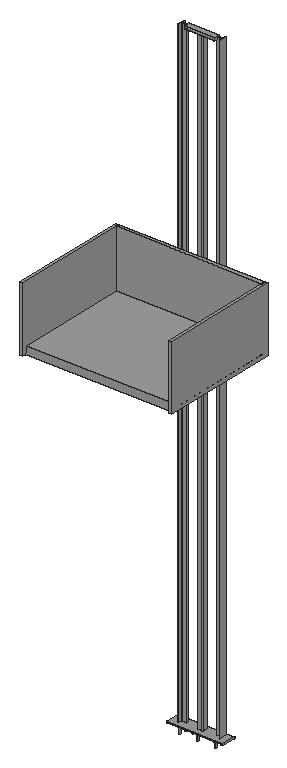
Revit family "1SE_Trez_TC_1000_With_Pit", category Specialty Equipment, Revit 2019
Family settings
  Round Connector Dimension = Use Diameter
  Part Type = Normal
  Work Plane-Based = No
  Always vertical = Yes
  Cut with Voids When Loaded = Yes
  Shared = No
  Room Calculation Point = No
Parameters (values of type "Platform-1800x1400mm with Door Height 2500mm")
  Safe Working Load = 1000.00 kg  # constant formula
  Safe Space = if(Cabin or Platform = Cabin, 900.0 mm, if(and(Cabin or Platform = Platform, Door Clear Height > 1900.0 mm), 600.0 mm, 0.0 mm))  # 600.0 mm
  Platform = Speciality_Equipment_Trez_Platform_Sgl_C : Platform
  Door Clear Width = Real Width  # 1800.0 mm
  Door Clear Height = 2500.0 mm
  D-Side = yes
  Clear Width = 1800.0 mm
  URL = "https://trez.bg/en/products/goods-only-lift-tc/tc-one-cylinder/"
  Shaft Width = Real Width + 100.0 mm  # 1900.0 mm
  Shaft Depth = Real Depth + Clearance  # 1710.0 mm
  Tower Cladding Material = TREZ_Steel_Cladding
  Real Width = if(Clear Width < 850.0 mm, 850.0 mm, if(Clear Width > 1800.0 mm, 1800.0 mm, Clear Width))  # 1800.0 mm
  Real Depth = if(Clear Depth < 850.0 mm, 850.0 mm, if(Clear Depth > 1400.0 mm, 1400.0 mm, Clear Depth))  # 1400.0 mm
  Profiles Material = TREZ_Steel
  Platform Material = TREZ_Steel
  Pit Height = 120.0 mm  # constant formula
  Travel = 4500.0 mm
  Rail Height = Travel + Pit Height + Headroom  # 7720.0 mm
  Model = "TC 1000"
  Manufacturer = "TREZ Ltd."
  Headroom = Door Clear Height + Safe Space  # 3100.0 mm
  Description = "As a hydraulic, goods-only lift with one cylinder, the TC is the low-price solution for lifting goods between the floors. "  # constant formula
  Clear Depth = 1400.0 mm
  Created By URL = "https://all1studio.com/"
  Created By = "All 1 Studio Ltd."
  Clearance = 310.0 mm  # constant formula
  Cabin or Platform = Speciality_Equipment_Trez_Platform_Sgl_C : Platform
  Cabin = Speciality_Equipment_Trez_Cabin_Sgl_C : Cabin
  C-Side = 1 = 1  # yes
  B-Side = yes
  A-Side = no
Reference planes
  plane 1 "Center (Front/Back)": y = 0
  plane 2: z = 0
  plane 3 "Center (Left/Right)": x = 0
  plane 4: x = -900
  plane 5: x = 900
  plane 6: y = 700
  plane 7: y = -700
  plane 8: x = 950
  plane 9: x = -950
  plane 10: y = 1010
  plane 11: y = -750
  plane 12: z = 4500
  plane 13 "Top of Lift": z = 7600
  plane 14 "Pit": z = -120
  plane 15: z = 7540
  plane 16: z = 40
  plane 17: z = -145
  plane 18: y = 878.5
Forms (mm)
  Extrusion 1, void
    sketch origin (0, 0, 0) x (1, 0, 0) y (0, 1, 0)
      loop
        line (-950, 1010) -> (-950, -750) -> (950, -750) -> (950, 1010) -> (-950, 1010)
    from 0 to -120
Lines and regions (mm)
  symbolic lines, style "Platform"
    curve 1: line (-900, 700, 0) -> (900, 700, 0)
    curve 2: line (-900, -700, 0) -> (-900, 700, 0)
    curve 3: line (900, -700, 0) -> (-900, -700, 0)
    curve 4: line (900, 700, 0) -> (900, -700, 0)
    curve 5: line (-900, 700, 0) -> (900, -700, 0)
    curve 6: line (900, 700, 0) -> (-900, -700, 0)
  symbolic lines, style "Shaft Volume"
    curve 7: line (-950, 1010, 0) -> (950, 1010, 0)
    curve 8: line (-950, -750, 0) -> (-950, 1010, 0)
    curve 9: line (950, -750, 0) -> (-950, -750, 0)
    curve 10: line (950, 1010, 0) -> (950, -750, 0)
    curve 11: line (950, 0, 7600) -> (-950, 0, 7600)
    curve 12: line (950, 0, 0) -> (950, 0, 7600)
    curve 13: line (-950, 0, 0) -> (950, 0, 0)
    curve 14: line (-950, 0, 7600) -> (-950, 0, 0)
    curve 15: line (0, -750, 7600) -> (0, 1010, 7600)
    curve 16: line (0, -750, 0) -> (0, -750, 7600)
    curve 17: line (0, 1010, 0) -> (0, -750, 0)
    curve 18: line (0, 1010, 7600) -> (0, 1010, 0)
Dimensions and locks
  equal spacing: plane 4, plane 3 "Center (Left/Right)", plane 5
  "Real Width": plane 4 to plane 5
  equal spacing: plane 7, plane 1 "Center (Front/Back)", plane 6
  "Real Depth": plane 7 to plane 6
  "Travel": plane 12 to level
  "Pit Height": level to plane 14 "Pit"
  "Headroom": plane 13 "Top of Lift" to plane 12
  locked: plane 13 "Top of Lift" to plane 15 at 60
  locked: plane 16 to level at 40
  locked: level to plane 17 at 145
  locked: plane 9 to plane 4 at 50
  locked: plane 5 to plane 8 at 50
  locked: plane 18 to plane 10 at 131.5
  "Clearance": plane 6 to plane 10
  locked: plane 7 to plane 11 at 50
  aligned and locked: level to plane 2
  aligned and locked: Extrusion 1 to plane 14 "Pit"
  aligned and locked: plane 1 "Center (Front/Back)" to nested 1
  aligned and locked: plane 3 "Center (Left/Right)" to nested 1
  aligned and locked: plane 12 to nested 1
  aligned and locked: nested 2 to plane 3 "Center (Left/Right)"
  aligned and locked: plane 18 to nested 2
  aligned and locked: plane 4 to curve 2
  aligned and locked: Extrusion 1 to plane 8
  aligned and locked: Extrusion 1 to plane 9
  aligned and locked: Extrusion 1 to plane 10
  aligned and locked: Extrusion 1 to plane 11
  aligned and locked: plane 10 to curve 7
  aligned and locked: plane 9 to curve 8
  aligned and locked: plane 11 to curve 9
  aligned and locked: plane 8 to curve 10
  aligned and locked: plane 13 "Top of Lift" to curve 11
  aligned and locked: curve 12 to plane 8
  aligned and locked: curve 13 to level
  aligned and locked: curve 14 to plane 9
  aligned and locked: curve 15 to plane 13 "Top of Lift"
  aligned and locked: plane 11 to curve 16
  aligned and locked: level to curve 17
  aligned and locked: plane 10 to curve 18
Automatic sketch dimensions
  Extrusion 1 sketch curve to plane 8 = 0.0 mm
  Extrusion 1 sketch curve to plane 11 = 0.0 mm
  Extrusion 1 sketch curve to plane 10 = 0.0 mm
  Extrusion 1 sketch curve to plane 9 = 0.0 mm
  curve 4 to plane 5 = 0.0 mm
  curve 3 to plane 7 = 0.0 mm
  plane 6 to curve 2 = 0.0 mm
Nested families
  nested 1: "Speciality_Equipment_Trez_Platform_Sgl_C" at (0, 0, 4500), type <- "Cabin or Platform", type "Platform"
    with Width 1800.0 mm, Depth 1400.0 mm, D-Side yes, B-Side yes
  nested 2: "Generic_Model_Trez_Rails_Sgl_C" at (0, 878.5, -120) x (0, -1, 0) z (0, 0, 1), type "Rails"
Definition of nested family "Speciality_Equipment_Trez_Platform_Sgl_C"
  Parameters (values of type "Platform")
    Width = 1300.0 mm
    Platform Material = none
    Depth = 1000.0 mm
    D-Side = no
    C-Side = yes
    B-Side = no
    A-Side = no
  Reference planes
    plane 1 "Center (Front/Back)": y = 0
    plane 2 "Bottom": z = 0
    plane 3 "Center (Left/Right)": x = 0
    plane 4: x = 650
    plane 5: x = -650
    plane 6: y = 500
    plane 7: y = -500
    plane 8: y = 535
    plane 9: z = -89
    plane 10: z = 709
    plane 11: x = -685
    plane 12: x = 685
    plane 13: y = -535
  Forms (mm)
    Extrusion 1, solid, material <- "Platform Material", visible <- "C-Side"
      sketch origin (0, 0, 0) x (1, 0, 0) y (0, 1, 0)
        loop
          line (-650, 535) -> (-650, 500) -> (650, 500) -> (650, 535) -> (-650, 535)
      from -89 to 709
    Extrusion 2, solid, material <- "Platform Material", detail levels coarse+medium
      sketch origin (0, 0, 0) x (1, 0, 0) y (0, 0, 1)
        loop
          line (-650, 0) -> (-650, -89) -> (650, -89) -> (650, 0) -> (-650, 0)
      from -500 to 500
    Extrusion 3, solid, material <- "Platform Material", detail levels fine
      sketch origin (0, 0, 0) x (1, 0, 0) y (0, 0, 1)
        loop
          line (-650, 0) -> (-650, -74)
          arc (-650, -74) -> (-645.607, -84.607) -> (-635, -89) r 15
          line (-635, -89) -> (635, -89)
          arc (635, -89) -> (645.607, -84.607) -> (650, -74) r 15
          line (650, -74) -> (650, 0) -> (-650, 0)
      from -500 to 500
    Extrusion 4, solid, material <- "Platform Material", visible <- "A-Side"
      sketch origin (0, -1035, 0) x (1, 0, 0) y (0, 1, 0)
        loop
          line (-650, 535) -> (-650, 500) -> (650, 500) -> (650, 535) -> (-650, 535)
      from -89 to 709
    Extrusion 5, solid, material <- "Platform Material", visible <- "D-Side"
      sketch origin (31.413, 20.624, 0) x (0, -1, 0) y (1, 0, 0)
        loop
          line (-514.376, 653.587) -> (-514.376, 618.587) -> (555.624, 618.587) -> (555.624, 653.587) -> (-514.376, 653.587)
      from -89 to 709
    Extrusion 6, solid, material <- "Platform Material", visible <- "B-Side"
      sketch origin (-1003.587, 20.624, 0) x (0, -1, 0) y (1, 0, 0)
        loop
          line (-514.376, 353.587) -> (-514.376, 318.587) -> (555.624, 318.587) -> (555.624, 353.587) -> (-514.376, 353.587)
      from -89 to 709
  Dimensions and locks
    equal spacing: plane 5, plane 3 "Center (Left/Right)", plane 4
    "Width": plane 5 to plane 4
    equal spacing: plane 7, plane 1 "Center (Front/Back)", plane 6
    "Depth": plane 6 to plane 7
    locked: plane 8 to plane 6 at 35
    locked: plane 2 "Bottom" to plane 9 at 89
    locked: plane 10 to plane 2 "Bottom" at 709
    locked: plane 11 to plane 5 at 35
    locked: plane 4 to plane 12 at 35
    locked: plane 13 to plane 7 at 35
    aligned and locked: level to plane 2 "Bottom"
    aligned and locked: Extrusion 1 sketch curve to plane 8
    aligned and locked: Extrusion 2 sketch curve to plane 2 "Bottom"
    aligned and locked: Extrusion 2 sketch curve to plane 9
    aligned and locked: plane 6 to Extrusion 2
    aligned and locked: plane 7 to Extrusion 2
    aligned and locked: Extrusion 3 sketch curve to plane 2 "Bottom"
    aligned and locked: Extrusion 3 sketch curve to plane 9
    aligned and locked: plane 7 to Extrusion 3
    aligned and locked: plane 6 to Extrusion 3
    aligned and locked: Extrusion 1 to plane 9
    aligned and locked: plane 5 to Extrusion 3
    aligned and locked: plane 5 to Extrusion 2
    aligned and locked: plane 5 to Extrusion 1
    aligned and locked: plane 4 to Extrusion 3
    aligned and locked: plane 4 to Extrusion 2
    aligned and locked: plane 4 to Extrusion 1
    aligned and locked: Extrusion 4 to plane 7
    aligned and locked: plane 13 to Extrusion 4
    aligned and locked: plane 4 to Extrusion 4
    aligned and locked: plane 5 to Extrusion 4
    aligned and locked: plane 12 to Extrusion 5
    aligned and locked: Extrusion 5 to plane 4
    aligned and locked: plane 8 to Extrusion 5
    aligned and locked: plane 13 to Extrusion 5
    aligned and locked: plane 11 to Extrusion 6
    aligned and locked: Extrusion 6 to plane 5
    aligned and locked: plane 8 to Extrusion 6
    aligned and locked: plane 13 to Extrusion 6
  Automatic sketch dimensions
    Extrusion 1 sketch curve to plane 5 = 0.0 mm
    Extrusion 1 sketch curve to plane 4 = 0.0 mm
    Extrusion 1 sketch curve to plane 6 = 0.0 mm
    plane 5 to Extrusion 2 sketch curve = 0.0 mm
    Extrusion 2 sketch curve to plane 4 = 0.0 mm
    plane 5 to Extrusion 3 sketch curve = 0.0 mm
    Extrusion 3 sketch curve to plane 4 = 0.0 mm
    Extrusion 3 sketch curve to plane 5 = 15.0 mm
    Extrusion 3 sketch curve to plane 4 = 15.0 mm
    Extrusion 4 sketch curve to plane 5 = 0.0 mm
    Extrusion 4 sketch curve to plane 4 = 0.0 mm
    plane 13 to Extrusion 4 sketch curve = 0.0 mm
    plane 7 to Extrusion 4 sketch curve = 0.0 mm
    plane 8 to Extrusion 5 sketch curve = 0.0 mm
    plane 13 to Extrusion 5 sketch curve = 0.0 mm
    Extrusion 5 sketch curve to plane 12 = 35.0 mm
    Extrusion 5 sketch curve to Extrusion 5 sketch curve = 35.0 mm
    plane 8 to Extrusion 6 sketch curve = 0.0 mm
    plane 13 to Extrusion 6 sketch curve = 0.0 mm
    Extrusion 6 sketch curve to plane 12 = 1370.0 mm
    Extrusion 6 sketch curve to Extrusion 6 sketch curve = 35.0 mm
Definition of nested family "Generic_Model_Trez_Rails_Sgl_C"
  Parameters (values of type "Rails")
    Profiles Material = none
    Height = 7720.0 mm
  Reference planes
    plane 1 "Center (Front/Back)": y = 0
    plane 2: z = 0
    plane 3 "Center (Left/Right)": x = 0
    plane 4: x = 87.2
    plane 5: x = -87.2
    plane 6: y = 350
    plane 7: y = -350
    plane 8: z = 7720
    plane 9: z = 15
    plane 10: z = 7685
    plane 11: z = -95
  Forms (mm)
    Extrusion 1, solid, material <- "Profiles Material", detail levels fine
      sketch origin (0, 0, 0) x (1, 0, 0) y (0, 1, 0)
        loop
          line (77.2, 350) -> (-77.2, 350)
          arc (-77.2, 350) -> (-84.271, 347.071) -> (-87.2, 340) r 10
          line (-87.2, 340) -> (-87.2, -340)
          arc (-87.2, -340) -> (-84.271, -347.071) -> (-77.2, -350) r 10
          line (-77.2, -350) -> (77.2, -350)
          arc (77.2, -350) -> (84.271, -347.071) -> (87.2, -340) r 10
          line (87.2, -340) -> (87.2, 340)
          arc (87.2, 340) -> (84.271, 347.071) -> (77.2, 350) r 10
      from 0 to 15
    Extrusion 2, solid, material <- "Profiles Material", detail levels fine
      sketch origin (0, 0, 0) x (1, 0, 0) y (0, 1, 0)
        loop
          line (-61.5, -260) -> (28.5, -260) -> (28.5, -252) -> (-3.5, -252)
          arc (-3.5, -252) -> (-7.036, -250.536) -> (-8.5, -247) r 5
          line (-8.5, -247) -> (-8.5, -185) -> (-24.5, -185) -> (-24.5, -247)
          arc (-24.5, -247) -> (-25.964, -250.536) -> (-29.5, -252) r 5
          line (-29.5, -252) -> (-61.5, -252) -> (-61.5, -260)
        loop
          line (-37.94, -40) -> (-1.94, -40)
          arc (-1.94, -40) -> (8.667, -35.607) -> (13.06, -25) r 15
          line (13.06, -25) -> (13.06, 25)
          arc (13.06, 25) -> (8.667, 35.607) -> (-1.94, 40) r 15
          line (-1.94, 40) -> (-37.94, 40) -> (-37.94, -40)
        loop
          line (-61.5, 260) -> (-61.5, 252) -> (-29.5, 252)
          arc (-29.5, 252) -> (-25.964, 250.536) -> (-24.5, 247) r 5
          line (-24.5, 247) -> (-24.5, 185) -> (-8.5, 185) -> (-8.5, 247)
          arc (-8.5, 247) -> (-7.036, 250.536) -> (-3.5, 252) r 5
          line (-3.5, 252) -> (28.5, 252) -> (28.5, 260) -> (-61.5, 260)
      from 15 to 7720
    Extrusion 3, solid, material <- "Profiles Material", detail levels fine
      sketch origin (0, 0, 0) x (1, 0, 0) y (0, 0, 1)
        loop
          line (-51.5, 7720) -> (-51.5, 7690)
          arc (-51.5, 7690) -> (-50.036, 7686.464) -> (-46.5, 7685) r 5
          line (-46.5, 7685) -> (13.5, 7685)
          arc (13.5, 7685) -> (17.036, 7686.464) -> (18.5, 7690) r 5
          line (18.5, 7690) -> (18.5, 7720) -> (-51.5, 7720)
      from -185 to 185
    Extrusion 4, solid, material <- "Profiles Material", detail levels coarse+medium
      sketch origin (0, 0, 0) x (1, 0, 0) y (0, 1, 0)
        loop
          line (87.2, 350) -> (-87.2, 350) -> (-87.2, -350) -> (87.2, -350) -> (87.2, 350)
      from 0 to 15
    Extrusion 5, solid, material <- "Profiles Material", detail levels coarse+medium
      sketch origin (0, 0, 0) x (1, 0, 0) y (0, 1, 0)
        loop
          line (28.5, -185) -> (-61.5, -185) -> (-61.5, -260) -> (28.5, -260) -> (28.5, -185)
        loop
          line (-37.94, -40) -> (13.06, -40) -> (13.06, 40) -> (-37.94, 40) -> (-37.94, -40)
        loop
          line (-61.5, 260) -> (-61.5, 185) -> (28.5, 185) -> (28.5, 260) -> (-61.5, 260)
      from 15 to 7720
    Extrusion 6, solid, material <- "Profiles Material", detail levels coarse+medium
      sketch origin (0, 0, 0) x (1, 0, 0) y (0, 0, 1)
        loop
          line (-51.5, 7720) -> (-51.5, 7690)
          arc (-51.5, 7690) -> (-50.036, 7686.464) -> (-46.5, 7685) r 5
          line (-46.5, 7685) -> (13.5, 7685)
          arc (13.5, 7685) -> (17.036, 7686.464) -> (18.5, 7690) r 5
          line (18.5, 7690) -> (18.5, 7720) -> (-51.5, 7720)
      from -260 to 260
    Extrusion 7, solid, material <- "Profiles Material", detail levels fine
      sketch origin (0, 0, 0) x (1, 0, 0) y (0, 1, 0)
        loop
          circle (46.2, 222.5) r 7.5
        loop
          circle (-43.8, 222.5) r 7.5
        loop
          circle (-43.8, 132.5) r 7.5
        loop
          circle (46.2, -222.5) r 7.5
        loop
          circle (-43.8, -222.5) r 7.5
        loop
          circle (-43.8, -132.5) r 7.5
        loop
          circle (-43.8, -80) r 7.5
        loop
          circle (-43.8, 80) r 7.5
        loop
          circle (46.2, 0.052) r 7.5
      from -95 to 0
  Cuts and joins
    joined: Extrusion 2, Extrusion 3
    joined: Extrusion 5, Extrusion 6
  Lines and regions (mm)
    symbolic lines
      curve 1: line (28.5, 185, 0) -> (-61.5, 185, 0)
      curve 2: line (28.5, 260, 0) -> (28.5, 185, 0)
      curve 3: line (-61.5, 260, 0) -> (28.5, 260, 0)
      curve 4: line (-61.5, 185, 0) -> (-61.5, 260, 0)
      curve 5: line (13.06, 40, 0) -> (-37.94, 40, 0)
      curve 6: line (13.06, -40, 0) -> (13.06, 40, 0)
      curve 7: line (-37.94, -40, 0) -> (13.06, -40, 0)
      curve 8: line (-37.94, 40, 0) -> (-37.94, -40, 0)
      curve 9: line (28.5, -185, 0) -> (-61.5, -185, 0)
      curve 10: line (28.5, -260, 0) -> (28.5, -185, 0)
      curve 11: line (-61.5, -260, 0) -> (28.5, -260, 0)
      curve 12: line (-61.5, -185, 0) -> (-61.5, -260, 0)
      curve 13: line (87.2, -350, 0) -> (-87.2, -350, 0)
      curve 14: line (87.2, 350, 0) -> (87.2, -350, 0)
      curve 15: line (-87.2, 350, 0) -> (87.2, 350, 0)
      curve 16: line (-87.2, -350, 0) -> (-87.2, 350, 0)
  Dimensions and locks
    equal spacing: plane 5, plane 3 "Center (Left/Right)", plane 4
    plane 5 to plane 4 = 174.4 mm
    equal spacing: plane 6, plane 1 "Center (Front/Back)", plane 7
    "Height": plane 8 to plane 2
    locked: plane 9 to plane 2 at 15
    locked: plane 8 to Extrusion 3 sketch curve at 35
    locked: plane 8 to plane 10 at 35
    locked: plane 2 to plane 11 at 95
    aligned and locked: level to plane 2
    aligned and locked: Extrusion 1 sketch curve to plane 6
    aligned and locked: plane 4 to Extrusion 1 sketch curve
    aligned and locked: Extrusion 1 sketch curve to plane 7
    aligned and locked: plane 5 to Extrusion 1 sketch curve
    aligned and locked: plane 8 to Extrusion 2
    aligned and locked: Extrusion 1 to plane 9
    aligned and locked: plane 9 to Extrusion 2
    aligned and locked: Extrusion 4 sketch curve to plane 6
    aligned and locked: plane 4 to Extrusion 4 sketch curve
    aligned and locked: Extrusion 4 sketch curve to plane 7
    aligned and locked: plane 5 to Extrusion 4 sketch curve
    aligned and locked: Extrusion 4 to plane 9
    aligned and locked: Extrusion 4 to plane 2
    aligned and locked: plane 8 to Extrusion 5
    aligned and locked: plane 8 to Extrusion 3 sketch curve
    aligned and locked: Extrusion 3 to Extrusion 5  (x2)
    aligned and locked: Extrusion 7 to plane 11
    aligned and locked: plane 2 to Extrusion 7
  Automatic sketch dimensions
    Extrusion 2 sketch curve to plane 5 = 25.7 mm  (x2)
    Extrusion 2 sketch curve to plane 3 "Center (Left/Right)" = 29.5 mm  (x2)
    Extrusion 2 sketch curve to Extrusion 2 sketch curve = 5.0 mm
    Extrusion 2 sketch curve to plane 3 "Center (Left/Right)" = 24.5 mm
    Extrusion 2 sketch curve to plane 3 "Center (Left/Right)" = 8.5 mm  (x2)
    Extrusion 2 sketch curve to plane 3 "Center (Left/Right)" = 3.5 mm  (x2)
    Extrusion 2 sketch curve to plane 3 "Center (Left/Right)" = 1.94 mm  (x2)
    Extrusion 2 sketch curve to Extrusion 2 sketch curve = 15.0 mm
    plane 3 "Center (Left/Right)" to Extrusion 2 sketch curve = 28.5 mm  (x2)
    plane 7 to Extrusion 2 sketch curve = 90.0 mm
    Extrusion 2 sketch curve to Extrusion 2 sketch curve = 8.0 mm  (x3)
    Extrusion 2 sketch curve to Extrusion 2 sketch curve = 62.0 mm  (x2)
    Extrusion 2 sketch curve to plane 1 "Center (Front/Back)" = 25.0 mm
    plane 6 to Extrusion 2 sketch curve = 165.0 mm
    Extrusion 2 sketch curve to Extrusion 2 sketch curve = 0.0 mm
    Extrusion 2 sketch curve to plane 3 "Center (Left/Right)" = 37.94 mm
    plane 1 "Center (Front/Back)" to Extrusion 2 sketch curve = 40.0 mm
    Extrusion 3 sketch curve to Extrusion 3 sketch curve = 5.0 mm  (x2)
    plane 3 "Center (Left/Right)" to Extrusion 3 sketch curve = 13.5 mm
    Extrusion 3 sketch curve to plane 5 = 40.7 mm
    Extrusion 1 sketch curve to plane 5 = 10.0 mm
    Extrusion 1 sketch curve to Extrusion 1 sketch curve = 10.0 mm
    Extrusion 1 sketch curve to plane 4 = 10.0 mm  (x2)
    Extrusion 6 sketch curve to plane 8 = 0.0 mm
    Extrusion 6 sketch curve to plane 10 = 0.0 mm
    plane 10 to Extrusion 6 sketch curve = 5.0 mm  (x2)
    Extrusion 6 sketch curve to plane 5 = 35.7 mm
    plane 3 "Center (Left/Right)" to Extrusion 6 sketch curve = 13.5 mm
    curve 16 to plane 5 = 0.0 mm
    curve 15 to plane 4 = 0.0 mm
    curve 13 to plane 7 = 0.0 mm
    plane 6 to curve 15 = 0.0 mm
    curve 3 to plane 5 = 25.7 mm
    curve 12 to plane 5 = 25.7 mm
    curve 5 to plane 3 "Center (Left/Right)" = 37.94 mm
    plane 3 "Center (Left/Right)" to curve 5 = 13.06 mm
    plane 3 "Center (Left/Right)" to curve 11 = 28.5 mm
    plane 3 "Center (Left/Right)" to curve 2 = 28.5 mm
    plane 7 to curve 11 = 90.0 mm
    curve 10 to curve 10 = 75.0 mm
    plane 1 "Center (Front/Back)" to curve 7 = 40.0 mm
    curve 5 to plane 1 "Center (Front/Back)" = 40.0 mm
    plane 6 to curve 2 = 165.0 mm
    curve 1 to curve 3 = 75.0 mm
    Extrusion 7 sketch curve to plane 5 = 43.4 mm  (x6)
    Extrusion 7 sketch curve to plane 4 = 41.0 mm  (x3)
    plane 7 to Extrusion 7 sketch curve = 127.5 mm
    Extrusion 7 sketch curve to Extrusion 7 sketch curve = 0.0 mm  (x2)
    Extrusion 7 sketch curve to Extrusion 7 sketch curve = 90.0 mm  (x2)
    plane 6 to Extrusion 7 sketch curve = 217.5 mm
    Extrusion 7 sketch curve to plane 1 "Center (Front/Back)" = 0.052 mm
    plane 1 "Center (Front/Back)" to Extrusion 7 sketch curve = 80.0 mm
    Extrusion 7 sketch curve to plane 1 "Center (Front/Back)" = 80.0 mm
    Extrusion 5 sketch curve to plane 5 = 25.7 mm  (x2)
    Extrusion 5 sketch curve to plane 3 "Center (Left/Right)" = 37.94 mm
    plane 3 "Center (Left/Right)" to Extrusion 5 sketch curve = 13.06 mm
    plane 3 "Center (Left/Right)" to Extrusion 5 sketch curve = 28.5 mm  (x2)
    plane 1 "Center (Front/Back)" to Extrusion 5 sketch curve = 40.0 mm
    Extrusion 5 sketch curve to plane 1 "Center (Front/Back)" = 40.0 mm
    Extrusion 5 sketch curve to Extrusion 5 sketch curve = 145.0 mm  (x2)
    Extrusion 5 sketch curve to Extrusion 5 sketch curve = 75.0 mm  (x2)
    radius of Extrusion 7 sketch curve = 7.5 mm  (x9)
